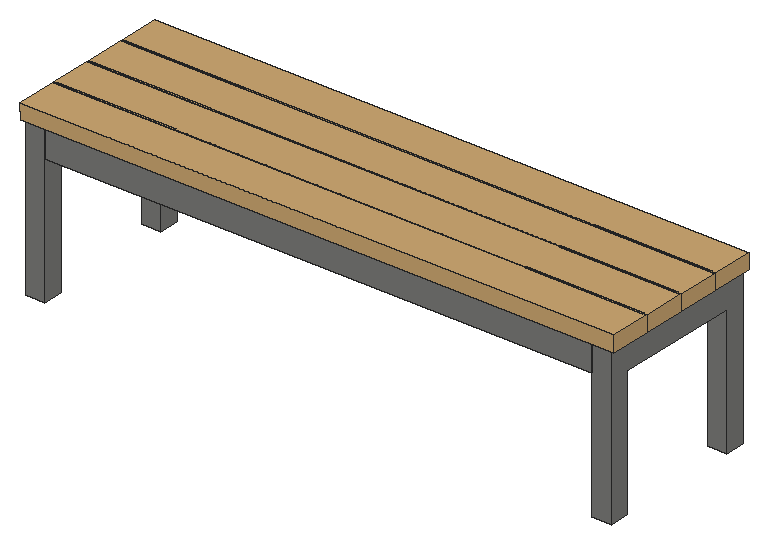
Revit family "L-FUR_벤치_YB-227_예건", category 일반 모델, Revit 2019
Family settings
  보강 철근 호스트 가능 = 아니오
  원형 커넥터 치수 = 지름 사용
  부품 유형 = 보통
  작업 기준면 기반 = 아니오
  항상 수직 = 예
  로드될 때 보이드를 사용하여 절단 = 아니오
  공유 = 아니오
  룸 계산 점 = 아니오
Parameters
  한국산업규격KS = ""
  조달청표준공사코드-세부공종 = ""
  건설정보분류체계-부위분류 = "E94335"
  LIM_INFO_주의사항 = "재배포, 재가공, 판매 금지"
  LIM_INFO_제품업체 = "예건"
  LIM_INFO_제품번호 = "YF-16"
  LIM_INFO_제품명 = "펜스_YF-16"
  LIM_INFO_제작일 = "2021.12."
  LIM_INFO_재료 = "Hardwood, STL-pipe, STL-plate"
  LIM_INFO_업체정보 = ""
  LIM_INFO_업체URL = "https://yekun.com/"
  LIM_INFO_업체TEL = "(+82)31-943-6114"
  LIM_INFO_업체EMAIL = "yekun@yekun.com"
  LIM_INFO_버전 = "2022_V01"
  LIM_INFO_기타정보 = ""
  LIM_INFO_규격 = "W2000 x H1800"
  LIM_INFO_가격 = 0
  LIM_INFO_PV_포장재여부 = yes
  LIM_INFO_PV_면적 = 0.00 m²
  KBIMS_식별-버전 = ""
  KBIMS_식별-bSK등록번호 = ""
  KBIMS_보급정보-저작자 = "림인포테크_MMJ"
  KBIMS_보급정보-보급코드 = ""
Reference planes
  plane 1 "중심(앞/뒤)": y = 0
  plane 2: z = 0
  plane 3 "중심(왼쪽/오른쪽)": x = 0
Dimensions and locks
  aligned and locked: level to plane 2
Nested families
  nested 1: "YB-227_base" at (0, 0, 0), type "YB-227_base"
Definition of nested family "YB-227_base"
  Reference planes
    plane 1 "중심(앞/뒤)": y = 0
    plane 2: z = 0
    plane 3 "중심(왼쪽/오른쪽)": x = 0
  Forms (mm)
    Extrusion 1, solid, detail levels coarse+medium
      sketch origin (10, 5, 0) x (0, 1, 0) y (0, 0, 1)
        loop
          line (50, 330) -> (370, 330) -> (370, 0) -> (420, 0) -> (420, 400) -> (0, 400) -> (0, 0) -> (50, 0) -> (50, 330)
      from 0 to 50
    Extrusion 2, solid, detail levels coarse+medium
      sketch origin (10, 5, 0) x (0, 1, 0) y (0, 0, 1)
        loop
          line (50, 330) -> (370, 330) -> (370, 0) -> (420, 0) -> (420, 400) -> (0, 400) -> (0, 0) -> (50, 0) -> (50, 330)
      from 1450 to 1500
    Extrusion 3, solid, detail levels coarse+medium
      sketch origin (10, 5, 0) x (0, 1, 0) y (0, 0, 1)
        loop
          line (370, 330) -> (420, 330) -> (420, 400) -> (370, 400) -> (370, 330)
        loop
          line (50, 330) -> (50, 400) -> (0, 400) -> (0, 330) -> (50, 330)
      from 50 to 1450
    Extrusion 4, solid, detail levels fine
      sketch origin (10, 5, 0) x (0, 1, 0) y (0, 0, 1)
        loop
          line (50, 330) -> (370, 330) -> (370, 0) -> (420, 0) -> (420, 400) -> (0, 400) -> (0, 0) -> (50, 0) -> (50, 330)
      from 0 to 50
    Extrusion 5, solid, detail levels fine
      sketch origin (10, 5, 0) x (0, 1, 0) y (0, 0, 1)
        loop
          line (50, 330) -> (370, 330) -> (370, 0) -> (420, 0) -> (420, 400) -> (0, 400) -> (0, 0) -> (50, 0) -> (50, 330)
      from 1450 to 1500
    Extrusion 6, solid, detail levels fine
      sketch origin (10, 5, 0) x (0, 1, 0) y (0, 0, 1)
        loop
          line (370, 330) -> (420, 330) -> (420, 400) -> (370, 400) -> (370, 330)
        loop
          line (50, 330) -> (50, 400) -> (0, 400) -> (0, 330) -> (50, 330)
      from 50 to 1450
    Extrusion 7, solid, detail levels fine
      sketch origin (10, 5, 0) x (0, 1, 0) y (0, 0, 1)
        loop
          line (99.811, 440) -> (-5, 440) -> (-5, 400) -> (99.811, 400) -> (99.811, 440)
        loop
          line (208.811, 440) -> (103.811, 440) -> (103.811, 400) -> (208.811, 400) -> (208.811, 440)
        loop
          line (212.811, 440) -> (212.811, 400) -> (317.811, 400) -> (317.811, 440) -> (212.811, 440)
        loop
          line (321.811, 440) -> (321.811, 400) -> (425, 400) -> (425, 440) -> (321.811, 440)
      from -10 to 1510
    Extrusion 8, solid, detail levels fine
      sketch origin (10, 5, 0) x (0, 1, 0) y (0, 0, 1)
        loop
          line (99.811, 440) -> (99.811, 400) -> (103.811, 400) -> (103.811, 440) -> (99.811, 440)
        loop
          line (212.811, 440) -> (208.811, 440) -> (208.811, 400) -> (212.811, 400) -> (212.811, 440)
        loop
          line (317.811, 440) -> (317.811, 400) -> (321.811, 400) -> (321.811, 440) -> (317.811, 440)
      from 0 to 300
    Extrusion 9, solid, detail levels fine
      sketch origin (10, 5, 0) x (0, 1, 0) y (0, 0, 1)
        loop
          line (99.811, 440) -> (99.811, 400) -> (103.811, 400) -> (103.811, 440) -> (99.811, 440)
        loop
          line (212.811, 440) -> (208.811, 440) -> (208.811, 400) -> (212.811, 400) -> (212.811, 440)
        loop
          line (317.811, 440) -> (317.811, 400) -> (321.811, 400) -> (321.811, 440) -> (317.811, 440)
      from 1200 to 1500
    Extrusion 10, solid, detail levels coarse+medium
      sketch origin (10, 5, 0) x (1, 0, 0) y (0, 1, 0)
        loop
          line (-10, 425) -> (-10, -5) -> (1510, -5) -> (1510, 425) -> (-10, 425)
      from 400 to 440
  Dimensions and locks
    aligned and locked: level to plane 2
